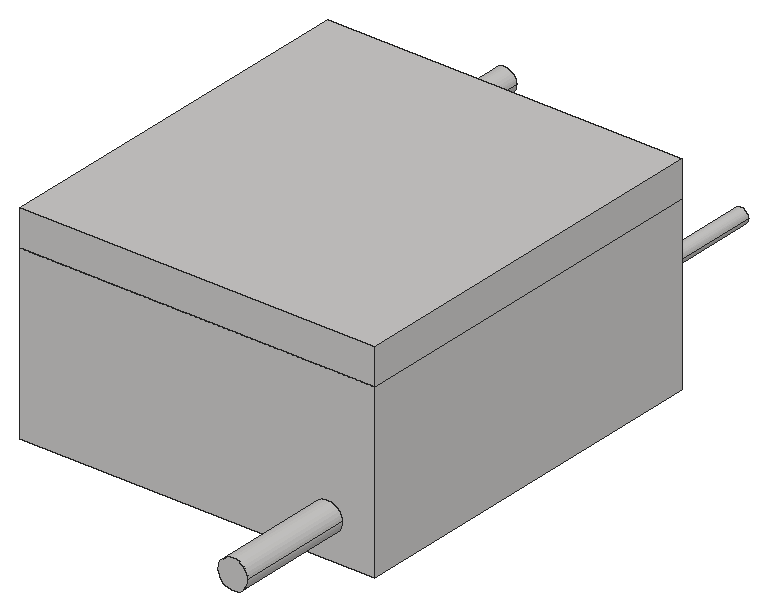
Revit family "DC_Rheem_PLM_940080", category Plumbing Fixtures, host Face, Revit 2020
Family settings
  Host = Face
  Round Connector Dimension = Use Radius
  Part Type = Normal
  Cut with Voids When Loaded = No
  Shared = No
  Room Calculation Point = No
Parameters (values of type "Guardian Warm Water 80L/min nominated flow rate")
  WarmWaterPipeDiameter_ANZRS = WWR_ANZRS * 2  # 50 mm
  WWR_ANZRS = 25 mm
  URL = "http://www.rheem.com.au/CommercialProducts"
  Type Comments = "Temperature range 25-60°C"
  Model = "940080\r\n"
  Materials_ANZRS = Rheem - Stainless Steel
  Manufacturer = "Rheem"
  Keynote = ""
  HotWaterPipeDiameter_ANZRS = HotWaterSupplyRadius_ANZRS * 2  # 40 mm
  HotWaterSupplyRadius_ANZRS = 20 mm
  DesignBy_ANZRS = "Design Content ©\r\n"
  Description = "Guardian Warm Water 80L/min nominated flow rate"
  Default Elevation = 0 mm
  ColdWaterPipeDiameter_ANZRS = ColdWaterSupplyRadius_ANZRS * 2  # 25 mm
  ColdWaterSupplyRadius_ANZRS = 12.5 mm
  BoxWidth_ANZRS = 600 mm
  BoxThickness_ANZRS = 350 mm
  BoxHeight_ANZRS = 650 mm
  Author_ANZRS = "DM"
  ARMWaterDiameter_ANZRS = ARMRadius_ANZRS * 2  # 40 mm
  ARMRadius_ANZRS = 20 mm
Reference planes
  plane 1 "Center (Front/Back)": y = 0
  plane 2: z = 0
  plane 3 "Center (Left/Right)": x = 0
  plane 4 "W1": x = -300
  plane 5 "W2": x = 300
  plane 6 "H1": y = 650
  plane 7 "CENTER 3": x = 240
  plane 8 "CENTER 2": x = 10
  plane 9 "CENTER 1": x = -160
  plane 10: z = 350
  plane 11 "THK 1": z = 290
  plane 12 "CD 2": z = 155
  plane 13 "CD 3": z = 220
  plane 14 "L2": y = 850
  plane 15: x = 220
  plane 16 "L1": y = -200
  plane 17 "CD 1": z = 65
Forms (mm)
  Extrusion 1, solid, material "Rheem - Stainless Steel" <- "Materials_ANZRS"
    sketch origin (0, 0, 0) x (1, 0, 0) y (0, 1, 0)
      loop
        line (-300, 650) -> (-300, 0) -> (300, 0) -> (300, 650) -> (-300, 650)
    from 0 to 290
  Extrusion 2, solid, material "Rheem - Stainless Steel" <- "Materials_ANZRS"
    sketch origin (0, 0, 0) x (1, 0, 0) y (0, 1, 0)
      loop
        line (-300, 650) -> (-300, 0) -> (300, 0) -> (300, 650) -> (-300, 650)
    from 290 to 350
  Extrusion 3, solid, material "Rheem - Stainless Steel" <- "Materials_ANZRS"
    sketch origin (0, 0, 0) x (1, 0, 0) y (0, 0, 1)
      loop
        circle (10, 155) r 20
      loop
        circle (240, 155) r 12.5
      loop
        circle (-160, 220) r 20
    from -850 to -650
  Extrusion 4, solid, material "Rheem - Stainless Steel" <- "Materials_ANZRS"
    sketch origin (46.441, 0, 0) x (1, 0, 0) y (0, 0, 1)
      loop
        circle (173.559, 65) r 25
    from 0 to 200
Lines and regions (mm)
  Masking region 1
    outline origin (0, 0, 0) x (1, 0, 0) y (0, 1, 0)
      loop
        line (300, 0) -> (300, 650) -> (260, 650) -> (260, 850) -> (220, 850) -> (220, 650) -> (30, 650) -> (30, 850) -> (-10, 850) -> (-10, 650) -> (-140, 650) -> (-140, 850) -> (-180, 850) -> (-180, 650) -> (-300, 650) -> (-300, 0) -> (195, 0) -> (195, -200) -> (245, -200) -> (245, 0) -> (300, 0)
  Masking region 2
    outline origin (0, 0, 0) x (1, 0, 0) y (0, 0, 1)
      loop
        line (300, 350) -> (-300, 350) -> (-300, 0) -> (300, 0) -> (300, 350)
  symbolic lines, style "Rheem - Guardian Warm Water", detail levels fine
    curve 1: line (300, 650, 0) -> (-300, 650, 0)
    curve 2: line (-300, 650, 0) -> (-300, 0, 0)
    curve 3: line (-300, 0, 0) -> (300, 0, 0)
    curve 4: line (300, 0, 0) -> (300, 650, 0)
    curve 5: line (0, 650, 0) -> (0, 650, 290)
    curve 6: line (0, 0, 290) -> (0, 650, 290)
    curve 7: line (0, 650, 290) -> (0, 650, 350)
    curve 8: line (0, 650, 350) -> (0, 0, 350)
    curve 9: line (0, 0, 350) -> (0, 0, 290)
    curve 10: line (0, 0, 290) -> (0, 0, 0)
    curve 11: line (0, 850, 175) -> (0, 650, 175)
    curve 12: line (-300, 0, 0) -> (300, 0, 0)
    curve 13: line (-300, 0, 350) -> (-300, 0, 0)
    curve 14: line (300, 0, 350) -> (-300, 0, 350)
    curve 15: line (300, 0, 0) -> (300, 0, 350)
    curve 16: line (-300, 0, 290) -> (300, 0, 290)
    curve 17: arc (-180, 0, 220) -> (-160, 0, 200) -> (-140, 0, 220) r 20
    curve 18: arc (-140, 0, 220) -> (-160, 0, 240) -> (-180, 0, 220) r 20
    curve 19: arc (-10, 0, 155) -> (10, 0, 135) -> (30, 0, 155) r 20
    curve 20: arc (30, 0, 155) -> (10, 0, 175) -> (-10, 0, 155) r 20
    curve 21: arc (227.5, 0, 155) -> (240, 0, 142.5) -> (252.5, 0, 155) r 12.5
    curve 22: arc (252.5, 0, 155) -> (240, 0, 167.5) -> (227.5, 0, 155) r 12.5
    curve 23: line (0, 650, 0) -> (0, 0, 0)
    curve 24: line (0, 850, 200) -> (0, 650, 200)
Dimensions and locks
  equal spacing: plane 4 "W1", plane 3 "Center (Left/Right)", plane 5 "W2"
  plane 4 "W1" to plane 5 "W2" = 600 mm
  "BoxHeight_ANZRS": plane 6 "H1" to plane 1 "Center (Front/Back)"
  plane 7 "CENTER 3" to plane 5 "W2" = 60 mm
  plane 8 "CENTER 2" to plane 5 "W2" = 290 mm
  plane 9 "CENTER 1" to plane 5 "W2" = 460 mm
  "BoxThickness_ANZRS": plane 10 to level
  plane 12 "CD 2" to level = 155 mm
  plane 13 "CD 3" to level = 220 mm
  plane 14 "L2" to plane 6 "H1" = 200 mm
  plane 16 "L1" to plane 1 "Center (Front/Back)" = 200 mm
  plane 15 to plane 5 "W2" = 80 mm
  locked: plane 10 to plane 11 "THK 1" at 60
  "BoxWidth_ANZRS": plane 4 "W1" to plane 5 "W2"
  plane 17 "CD 1" to level = 65 mm
  "ARMRadius_ANZRS": radius of Extrusion 3 sketch curve
  "ColdWaterSupplyRadius_ANZRS": radius of Extrusion 3 sketch curve
  "HotWaterSupplyRadius_ANZRS": radius of Extrusion 3 sketch curve
  "WWR_ANZRS": radius of Extrusion 4 sketch curve
  aligned and locked: plane 2 to host face
  aligned and locked: level to host face
  aligned and locked: Extrusion 1 sketch curve to plane 6 "H1"
  aligned and locked: plane 4 "W1" to Extrusion 1 sketch curve
  aligned and locked: Extrusion 1 sketch curve to plane 1 "Center (Front/Back)"
  aligned and locked: plane 5 "W2" to Extrusion 1 sketch curve
  aligned and locked: plane 11 "THK 1" to Extrusion 1
  aligned and locked: Extrusion 2 sketch curve to Extrusion 1  (x4)
  aligned and locked: Extrusion 2 to plane 11 "THK 1"
  aligned and locked: plane 10 to Extrusion 2
  aligned and locked: plane 9 "CENTER 1" to Extrusion 3 sketch curve
  aligned and locked: plane 8 "CENTER 2" to Extrusion 3 sketch curve
  aligned and locked: plane 7 "CENTER 3" to Extrusion 3 sketch curve
  aligned and locked: plane 12 "CD 2" to Extrusion 3 sketch curve  (x2)
  aligned and locked: plane 13 "CD 3" to Extrusion 3 sketch curve
  aligned and locked: Extrusion 3 to plane 6 "H1"
  aligned and locked: plane 14 "L2" to Extrusion 3
  aligned and locked: plane 15 to Extrusion 4 sketch curve
  aligned and locked: Extrusion 4 to plane 16 "L1"
  aligned and locked: curve 1 to Extrusion 2
  aligned and locked: curve 2 to Extrusion 2
  aligned and locked: curve 3 to Extrusion 2
  aligned and locked: curve 4 to Extrusion 2
  aligned and locked: curve 5 to Extrusion 1
  aligned and locked: curve 6 to Extrusion 2
  aligned and locked: curve 7 to Extrusion 2
  aligned and locked: curve 8 to Extrusion 2
  aligned and locked: curve 9 to Extrusion 2
  aligned and locked: curve 10 to Extrusion 1
  aligned and locked: curve 12 to Extrusion 1
  aligned and locked: curve 13 to Extrusion 1
  aligned and locked: curve 14 to Extrusion 2
  aligned and locked: curve 15 to Extrusion 2
  aligned and locked: curve 16 to Extrusion 2
  aligned and locked: curve 17 to Extrusion 3
  aligned and locked: curve 18 to Extrusion 3
  aligned and locked: curve 19 to Extrusion 3
  aligned and locked: curve 20 to Extrusion 3
  aligned and locked: curve 21 to Extrusion 3
  aligned and locked: curve 22 to Extrusion 3
  aligned and locked: plane 17 "CD 1" to Extrusion 4 sketch curve
  aligned and locked: Masking region 1 sketch curve to curve 4
  aligned and locked: Masking region 1 sketch curve to curve 3
  aligned and locked: Masking region 1 sketch curve to curve 2
  aligned and locked: Masking region 1 sketch curve to curve 1
  aligned and locked: Masking region 2 sketch curve to curve 14
  aligned and locked: Masking region 2 sketch curve to curve 13
  aligned and locked: Masking region 2 sketch curve to curve 12
  aligned and locked: Masking region 2 sketch curve to curve 15
Automatic sketch dimensions
  host sketch curve to host sketch curve = 2299.94 mm
  host sketch curve to host sketch curve = 2898.545 mm
  curve 1 to plane 4 "W1" = 0 mm
  plane 1 "Center (Front/Back)" to curve 3 = 0 mm
  curve 3 to plane 5 "W2" = 0 mm
  curve 2 to plane 6 "H1" = 0 mm
  curve 9 to plane 1 "Center (Front/Back)" = 0 mm
  curve 7 to plane 6 "H1" = 0 mm
  curve 24 to plane 14 "L2" = 0 mm
  curve 11 to plane 14 "L2" = 0 mm
  curve 10 to level = 0 mm
  curve 7 to plane 11 "THK 1" = 0 mm
  curve 8 to plane 10 = 0 mm
  plane 12 "CD 2" to curve 11 = 20 mm
  curve 24 to plane 13 "CD 3" = 20 mm
  Masking region 1 sketch curve to plane 14 "L2" = 0 mm  (x3)
  Masking region 1 sketch curve to plane 6 "H1" = 0 mm  (x3)
  Masking region 1 sketch curve to plane 16 "L1" = 0 mm
  Masking region 1 sketch curve to plane 15 = 0 mm
  plane 1 "Center (Front/Back)" to Masking region 1 sketch curve = 0 mm
  plane 9 "CENTER 1" to Masking region 1 sketch curve = 20 mm
  Masking region 1 sketch curve to plane 9 "CENTER 1" = 20 mm
  Masking region 1 sketch curve to plane 3 "Center (Left/Right)" = 10 mm
  Masking region 1 sketch curve to plane 8 "CENTER 2" = 20 mm
  plane 15 to Masking region 1 sketch curve = 25 mm
  Masking region 1 sketch curve to plane 7 "CENTER 3" = 5 mm
  Masking region 1 sketch curve to plane 7 "CENTER 3" = 20 mm
Connectors
  piping at (-160, 850, 220), diameter 25, driven by "ColdWaterSupplyRadius_ANZRS"
    settings: on Extrusion 3, index 1, connector inside diameter 0.98425", connector length 0 mm, flow factor 0, pipe flow 0 GPM, pressure drop 0.00 psi, fitting loss kfactor 0, connector angle 0.00°, fixture units 0, engagement length 0 mm, angle of deflection 0.00°, flow configuration 1, flow direction 1, fitting loss method 0, system type 20, joint type 0, gender type 0, connector reference index -1, connector utility 0, adjustable connector no, is connector primary yes, connector description ""
  piping at (10, 850, 155), diameter 40, driven by "ARMRadius_ANZRS"
    settings: on Extrusion 3, index 2, connector inside diameter 1.5748", connector length 0 mm, flow factor 0, pipe flow 0 GPM, pressure drop 0.00 psi, fitting loss kfactor 0, connector angle 0.00°, fixture units 0, engagement length 0 mm, angle of deflection 0.00°, flow configuration 1, flow direction 1, fitting loss method 0, system type 22, joint type 0, gender type 0, connector reference index -1, connector utility 0, adjustable connector no, is connector primary no, connector description "Warm Water Return"
  piping at (240, 850, 155), diameter 40, driven by "HotWaterSupplyRadius_ANZRS"
    settings: on Extrusion 3, index 3, connector inside diameter 1.5748", connector length 0 mm, flow factor 0, pipe flow 0 GPM, pressure drop 0.00 psi, fitting loss kfactor 0, connector angle 0.00°, fixture units 0, engagement length 0 mm, angle of deflection 0.00°, flow configuration 1, flow direction 2, fitting loss method 0, system type 19, joint type 0, gender type 0, connector reference index -1, connector utility 0, adjustable connector no, is connector primary no, connector description ""
  piping at (220, -200, 65), diameter 50, driven by "WWR_ANZRS"
    settings: on Extrusion 4, index 4, connector inside diameter 1.9685", connector length 0 mm, flow factor 0, pipe flow 0 GPM, pressure drop 0.00 psi, fitting loss kfactor 0, connector angle 0.00°, fixture units 0, engagement length 0 mm, angle of deflection 0.00°, flow configuration 1, flow direction 2, fitting loss method 0, system type 22, joint type 0, gender type 0, connector reference index -1, connector utility 0, adjustable connector no, is connector primary no, connector description "Warm Water Out"
